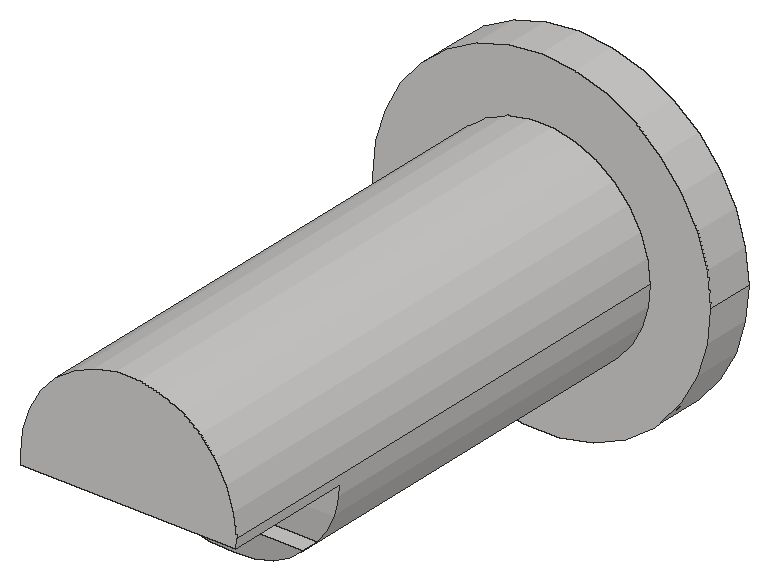
Revit family "T27", category Generic Models, Revit 2021
Family settings
  Can host rebar = No
  Round Connector Dimension = Use Diameter
  Part Type = Normal
  Work Plane-Based = No
  Always vertical = Yes
  Cut with Voids When Loaded = No
  Shared = No
  Room Calculation Point = No
Parameters
  e-mail = "info@vola.com"
  URL = "http://vola.com"
  Telephone = "+45 7023 5500"
  Quality management standard = "ISO 9001"
  Organisation no. / DUNS no. = "17531328"
  Occupational health and safety management standard = "ISO 18001"
  Mounting Instructions = "http://vola.com/service/producturl.ashx?name=T27"
  Model = "T27"
  Materials and components information = "http://vola.com/service/producturl.ashx?name=T27"
  Manufacturer = "VOLA A/S"
  Maintenance Instructions = "http://vola.com/service/producturl.ashx?name=T27"
  Guarantee = "2 years"
  Environmental management standard = "ISO 14000"
  Default Elevation = 0.00 mm
  Connection - All relevant connections = ""
  Approvals = "http://vola.com/service/producturl.ashx?name=T27"
Reference planes
  plane 1 "Center (Front/Back)": y = 0
  plane 2: z = 0
  plane 3 "Center (Left/Right)": x = 0
Forms (mm)
  Extrusion 1, solid, material "Stainless Steel"
    sketch origin (0, 0, 0) x (1, 0, 0) y (0, 0, 1)
      loop
        circle (0, 0) r 18
    from 0 to 5
  Extrusion 2, solid, material "Stainless Steel"
    sketch origin (0, -5, 0) x (1, 0, 0) y (0, 0, 1)
      loop
        circle (0, 0) r 11.5
    from 0 to 55
  Extrusion 3, void
    sketch origin (0, 0, 0) x (0, 1, 0) y (0, 0, 1)
      loop
        line (-46.157, -1) -> (-60, -1) -> (-60, -11.5) -> (-46, -11.5)
        arc (-46, -11.5) -> (-46.592, -9.763) -> (-47.103, -8) r 39.6
        line (-47.103, -8) -> (-45.103, -8)
        arc (-45.103, -8) -> (-45.826, -4.53) -> (-46.157, -1) r 31.61
    from -12 to 12
Cuts and joins
  Extrusion 3 cuts Extrusion 2
Dimensions and locks
  aligned and locked: plane 2 to level
